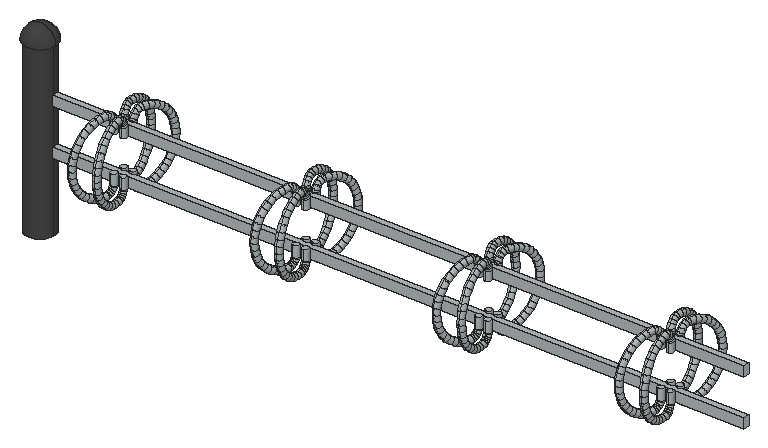
Revit family "Sirius 8 Pl Sned", category Furniture, Revit 2020
Family settings
  OmniClass Number = 23.21.23.13.15
  Work Plane-Based = No
  Always vertical = Yes
  Cut with Voids When Loaded = No
  Shared = No
  Room Calculation Point = No
Parameters (values of type "8003079 / Black - Galvanized")
  Uniclass 1.4 Description = "Furniture"
  Uniclass 1.4 Code = "L8211"
  URL = "https://www.hags.com/"
  QR code = "https://www.hags.com/en-us/furniture/park-and-urban-furniture/bicycle-storage/sirius-cycle-stand/not-applicable-cast-in-place-sned-8-pl-aug-2010-black-galv"
  Product url = "https://www.hags.com/en-us/furniture/park-and-urban-furniture/bicycle-storage/sirius-cycle-stand/not-applicable-cast-in-place-sned-8-pl-aug-2010-black-galv"
  Product name = "Sirius Cycle Stand Cast In Place 4 PL"
  Product data url = "https://bimobject.com/hags/product/sofa_sofiero_detached"
  Product SKU = "Sirius_Cycle_Stand_Detached"
  Product Guid = "90e49432-c870-4a59-897e-b15016e8f9bd"
  OmniClass Description = "BICYCLE STORAGE"
  OmniClass Code = "23-21 23 13 15"
  Model = "8003079"
  Manufacturer name = "HAGS"
  Manufacturer = "Hags"
  IFC Classification = "Furniture"
  Edition number = 1
  Description = ""
  Default Elevation = 0 mm
  Construction material = Hags - Steel - Powder coated - Black
  Body material_90 = Hags - Steel - Galvanized
  Body material = Hags - Steel - Galvanized
  BIMobject category = "PARK AND URBAN FURNITURE"
Reference planes
  plane 1 "Center (Front/Back)": y = 0
  plane 2: z = 0
  plane 3 "Center (Left/Right)": x = 0
Forms (mm)
  Extrusion 1, solid, material "Hags - Steel - Galvanized" <- "Body material"
    sketch origin (1.365, -9.603, 369.929) x (1, 0, 0) y (0, 1, 0)
      loop
        line (45, 10) -> (45, -10) -> (2269.901, -10) -> (2269.901, 10) -> (45, 10)
    from 10 to 40
  Extrusion 2, solid, material "Hags - Steel - Powder coated - Black" <- "Construction material"
    sketch origin (1.256, -9.603, 0) x (1, 0, 0) y (0, 1, 0)
      loop
        circle (0, 0) r 45
    from 0 to 549.709
  Revolve 3, solid, material "Hags - Steel - Powder coated - Black" <- "Construction material"
    sketch origin (-157.494, -9.976, 679.925) x (1, 0, 0) y (0, 0, -1)
      loop
        arc (158.761, 80.421) -> (194.116, 95.065) -> (208.761, 130.421) r 50
        line (208.761, 130.421) -> (207.761, 130.421)
        arc (207.761, 130.421) -> (193.409, 95.772) -> (158.761, 81.421) r 49
        line (158.761, 81.421) -> (158.761, 80.421)
      axis (158.761, 80.421) -> (158.761, 130.421)
    angle from 0 to 360
  Extrusion 4, solid, material "Hags - Steel - Galvanized" <- "Body material"
    sketch origin (1.365, -9.603, 220) x (1, 0, 0) y (0, 1, 0)
      loop
        line (45, 10) -> (45, -10) -> (2269.901, -10) -> (2269.901, 10) -> (45, 10)
    from 10 to 40
  Sweep 5, solid, material "Hags - Steel - Galvanized" <- "Body material"
    path in 3D
      loop
        line (284.399, -28.912, 379.243) -> (284.399, -28.912, 409.356) -> (284.665, -30.416, 417.342) -> (285.316, -34.108, 425.042) -> (286.286, -39.612, 430.632) -> (287.965, -49.133, 436.349) -> (289.347, -56.972, 437.365) -> (292.522, -74.978, 434.786) -> (295.203, -90.181, 431.456) -> (297.994, -106.011, 424.537) -> (300.723, -121.485, 415.172) -> (303.109, -135.021, 403.262) -> (305.21, -146.933, 388.659) -> (306.856, -156.271, 373.149) -> (308.013, -162.829, 356.943) -> (308.792, -167.247, 339.38) -> (309.009, -168.477, 321.297) -> (308.744, -166.976, 303.115) -> (308.016, -162.845, 285.057) -> (306.889, -156.455, 268.21) -> (305.171, -146.715, 252.347) -> (303.187, -135.458, 238.586) -> (300.759, -121.692, 226.912) -> (298.069, -106.433, 217.568) -> (295.162, -89.947, 210.351) -> (292.187, -73.075, 206.279) -> (288.99, -54.946, 204.888) -> (287.744, -47.88, 206.305) -> (286.375, -40.117, 210.646) -> (285.399, -34.582, 217.063) -> (284.552, -29.777, 225.614) -> (284.444, -29.163, 229.974) -> (284.444, -29.163, 262.737)
    profile origin (284.444, -29.163, 246.356) x (0, 1, 0) y (-1, 0, 0)
      loop
        circle (0, 0) r 10
  Sweep 6, solid, material "Hags - Steel - Galvanized" <- "Body material"
    path in 3D
      loop
        line (254.031, -29.133, 379.797) -> (254.031, -29.133, 409.91) -> (253.766, -30.637, 417.896) -> (253.115, -34.329, 425.596) -> (252.145, -39.834, 431.186) -> (250.466, -49.355, 436.903) -> (249.084, -57.193, 437.919) -> (245.909, -75.199, 435.34) -> (243.228, -90.403, 432.01) -> (240.437, -106.232, 425.091) -> (237.708, -121.706, 415.726) -> (235.321, -135.242, 403.816) -> (233.221, -147.154, 389.213) -> (231.574, -156.492, 373.703) -> (230.418, -163.05, 357.497) -> (229.639, -167.468, 339.934) -> (229.422, -168.699, 321.851) -> (229.687, -167.198, 303.669) -> (230.415, -163.066, 285.611) -> (231.542, -156.676, 268.764) -> (233.259, -146.936, 252.901) -> (235.244, -135.679, 239.14) -> (237.672, -121.914, 227.466) -> (240.362, -106.654, 218.122) -> (243.269, -90.169, 210.905) -> (246.244, -73.297, 206.833) -> (249.441, -55.167, 205.442) -> (250.687, -48.101, 206.859) -> (252.056, -40.338, 211.2) -> (253.032, -34.803, 217.617) -> (253.879, -29.998, 226.168) -> (253.987, -29.385, 230.528) -> (253.987, -29.385, 263.291)
    profile origin (253.987, -29.385, 246.91) x (0, 1, 0) y (-1, 0, 0)
      loop
        circle (0, 0) r 10
  Sweep 7, solid, material "Hags - Steel - Galvanized" <- "Body material"
    path in 3D
      loop
        line (2044.399, -28.912, 379.243) -> (2044.399, -28.912, 409.356) -> (2044.665, -30.416, 417.342) -> (2045.316, -34.108, 425.042) -> (2046.286, -39.612, 430.632) -> (2047.965, -49.133, 436.349) -> (2049.347, -56.972, 437.365) -> (2052.522, -74.978, 434.786) -> (2055.203, -90.181, 431.456) -> (2057.994, -106.011, 424.537) -> (2060.723, -121.485, 415.172) -> (2063.109, -135.021, 403.262) -> (2065.21, -146.933, 388.659) -> (2066.856, -156.271, 373.149) -> (2068.013, -162.829, 356.943) -> (2068.792, -167.247, 339.38) -> (2069.009, -168.477, 321.297) -> (2068.744, -166.976, 303.115) -> (2068.016, -162.845, 285.057) -> (2066.889, -156.455, 268.21) -> (2065.171, -146.715, 252.347) -> (2063.187, -135.458, 238.586) -> (2060.759, -121.692, 226.912) -> (2058.069, -106.433, 217.568) -> (2055.162, -89.947, 210.351) -> (2052.187, -73.075, 206.279) -> (2048.99, -54.946, 204.888) -> (2047.744, -47.88, 206.305) -> (2046.375, -40.117, 210.646) -> (2045.399, -34.582, 217.063) -> (2044.552, -29.777, 225.614) -> (2044.444, -29.163, 229.974) -> (2044.444, -29.163, 262.737)
    profile origin (2044.444, -29.163, 246.356) x (0, 1, 0) y (-1, 0, 0)
      loop
        circle (0, 0) r 10
  Sweep 8, solid, material "Hags - Steel - Galvanized" <- "Body material"
    path in 3D
      loop
        line (2014.031, -29.133, 379.797) -> (2014.031, -29.133, 409.91) -> (2013.766, -30.637, 417.896) -> (2013.115, -34.329, 425.596) -> (2012.145, -39.834, 431.186) -> (2010.466, -49.355, 436.903) -> (2009.084, -57.193, 437.919) -> (2005.909, -75.199, 435.34) -> (2003.228, -90.403, 432.01) -> (2000.437, -106.232, 425.091) -> (1997.708, -121.706, 415.726) -> (1995.321, -135.242, 403.816) -> (1993.221, -147.154, 389.213) -> (1991.574, -156.492, 373.703) -> (1990.418, -163.05, 357.497) -> (1989.639, -167.468, 339.934) -> (1989.422, -168.699, 321.851) -> (1989.687, -167.198, 303.669) -> (1990.415, -163.066, 285.611) -> (1991.542, -156.676, 268.764) -> (1993.259, -146.936, 252.901) -> (1995.244, -135.679, 239.14) -> (1997.672, -121.914, 227.466) -> (2000.362, -106.654, 218.122) -> (2003.269, -90.169, 210.905) -> (2006.244, -73.297, 206.833) -> (2009.441, -55.167, 205.442) -> (2010.687, -48.101, 206.859) -> (2012.056, -40.338, 211.2) -> (2013.032, -34.803, 217.617) -> (2013.879, -29.998, 226.168) -> (2013.987, -29.385, 230.528) -> (2013.987, -29.385, 263.291)
    profile origin (2013.987, -29.385, 246.91) x (0, 1, 0) y (-1, 0, 0)
      loop
        circle (0, 0) r 10
  Sweep 9, solid, material "Hags - Steel - Galvanized" <- "Body material"
    path in 3D
      loop
        line (871.066, -28.912, 379.243) -> (871.066, -28.912, 409.356) -> (871.331, -30.416, 417.342) -> (871.982, -34.108, 425.042) -> (872.953, -39.612, 430.632) -> (874.632, -49.133, 436.349) -> (876.014, -56.972, 437.365) -> (879.189, -74.978, 434.786) -> (881.87, -90.181, 431.456) -> (884.661, -106.011, 424.537) -> (887.389, -121.485, 415.172) -> (889.776, -135.021, 403.262) -> (891.877, -146.933, 388.659) -> (893.523, -156.271, 373.149) -> (894.679, -162.829, 356.943) -> (895.458, -167.247, 339.38) -> (895.675, -168.477, 321.297) -> (895.411, -166.976, 303.115) -> (894.682, -162.845, 285.057) -> (893.555, -156.455, 268.21) -> (891.838, -146.715, 252.347) -> (889.853, -135.458, 238.586) -> (887.426, -121.692, 226.912) -> (884.735, -106.433, 217.568) -> (881.828, -89.947, 210.351) -> (878.853, -73.075, 206.279) -> (875.657, -54.946, 204.888) -> (874.411, -47.88, 206.305) -> (873.042, -40.117, 210.646) -> (872.066, -34.582, 217.063) -> (871.219, -29.777, 225.614) -> (871.111, -29.163, 229.974) -> (871.111, -29.163, 262.737)
    profile origin (871.111, -29.163, 246.356) x (0, 1, 0) y (-1, 0, 0)
      loop
        circle (0, 0) r 10
  Sweep 10, solid, material "Hags - Steel - Galvanized" <- "Body material"
    path in 3D
      loop
        line (840.698, -29.133, 379.797) -> (840.698, -29.133, 409.91) -> (840.433, -30.637, 417.896) -> (839.782, -34.329, 425.596) -> (838.811, -39.834, 431.186) -> (837.132, -49.355, 436.903) -> (835.75, -57.193, 437.919) -> (832.575, -75.199, 435.34) -> (829.894, -90.403, 432.01) -> (827.103, -106.232, 425.091) -> (824.375, -121.706, 415.726) -> (821.988, -135.242, 403.816) -> (819.888, -147.154, 389.213) -> (818.241, -156.492, 373.703) -> (817.085, -163.05, 357.497) -> (816.306, -167.468, 339.934) -> (816.089, -168.699, 321.851) -> (816.353, -167.198, 303.669) -> (817.082, -163.066, 285.611) -> (818.209, -156.676, 268.764) -> (819.926, -146.936, 252.901) -> (821.911, -135.679, 239.14) -> (824.338, -121.914, 227.466) -> (827.029, -106.654, 218.122) -> (829.936, -90.169, 210.905) -> (832.911, -73.297, 206.833) -> (836.108, -55.167, 205.442) -> (837.353, -48.101, 206.859) -> (838.722, -40.338, 211.2) -> (839.698, -34.803, 217.617) -> (840.545, -29.998, 226.168) -> (840.654, -29.385, 230.528) -> (840.654, -29.385, 263.291)
    profile origin (840.654, -29.385, 246.91) x (0, 1, 0) y (-1, 0, 0)
      loop
        circle (0, 0) r 10
  Sweep 11, solid, material "Hags - Steel - Galvanized" <- "Body material"
    path in 3D
      loop
        line (1457.733, -28.912, 379.243) -> (1457.733, -28.912, 409.356) -> (1457.998, -30.416, 417.342) -> (1458.649, -34.108, 425.042) -> (1459.62, -39.612, 430.632) -> (1461.298, -49.133, 436.349) -> (1462.681, -56.972, 437.365) -> (1465.856, -74.978, 434.786) -> (1468.536, -90.181, 431.456) -> (1471.328, -106.011, 424.537) -> (1474.056, -121.485, 415.172) -> (1476.443, -135.021, 403.262) -> (1478.543, -146.933, 388.659) -> (1480.19, -156.271, 373.149) -> (1481.346, -162.829, 356.943) -> (1482.125, -167.247, 339.38) -> (1482.342, -168.477, 321.297) -> (1482.077, -166.976, 303.115) -> (1481.349, -162.845, 285.057) -> (1480.222, -156.455, 268.21) -> (1478.505, -146.715, 252.347) -> (1476.52, -135.458, 238.586) -> (1474.093, -121.692, 226.912) -> (1471.402, -106.433, 217.568) -> (1468.495, -89.947, 210.351) -> (1465.52, -73.075, 206.279) -> (1462.323, -54.946, 204.888) -> (1461.077, -47.88, 206.305) -> (1459.709, -40.117, 210.646) -> (1458.733, -34.582, 217.063) -> (1457.885, -29.777, 225.614) -> (1457.777, -29.163, 229.974) -> (1457.777, -29.163, 262.737)
    profile origin (1457.777, -29.163, 246.356) x (0, 1, 0) y (-1, 0, 0)
      loop
        circle (0, 0) r 10
  Sweep 12, solid, material "Hags - Steel - Galvanized" <- "Body material"
    path in 3D
      loop
        line (1427.365, -29.133, 379.797) -> (1427.365, -29.133, 409.91) -> (1427.099, -30.637, 417.896) -> (1426.448, -34.329, 425.596) -> (1425.478, -39.834, 431.186) -> (1423.799, -49.355, 436.903) -> (1422.417, -57.193, 437.919) -> (1419.242, -75.199, 435.34) -> (1416.561, -90.403, 432.01) -> (1413.77, -106.232, 425.091) -> (1411.041, -121.706, 415.726) -> (1408.655, -135.242, 403.816) -> (1406.554, -147.154, 389.213) -> (1404.908, -156.492, 373.703) -> (1403.751, -163.05, 357.497) -> (1402.972, -167.468, 339.934) -> (1402.755, -168.699, 321.851) -> (1403.02, -167.198, 303.669) -> (1403.749, -163.066, 285.611) -> (1404.875, -156.676, 268.764) -> (1406.593, -146.936, 252.901) -> (1408.578, -135.679, 239.14) -> (1411.005, -121.914, 227.466) -> (1413.696, -106.654, 218.122) -> (1416.602, -90.169, 210.905) -> (1419.577, -73.297, 206.833) -> (1422.774, -55.167, 205.442) -> (1424.02, -48.101, 206.859) -> (1425.389, -40.338, 211.2) -> (1426.365, -34.803, 217.617) -> (1427.212, -29.998, 226.168) -> (1427.32, -29.385, 230.528) -> (1427.32, -29.385, 263.291)
    profile origin (1427.32, -29.385, 246.91) x (0, 1, 0) y (-1, 0, 0)
      loop
        circle (0, 0) r 10
  Sweep 13, solid, material "Hags - Steel - Galvanized" <- "Body material"
    path in 3D
      loop
        line (284.399, 10.063, 263.579) -> (284.399, 10.063, 233.466) -> (284.665, 11.568, 225.479) -> (285.316, 15.26, 217.779) -> (286.286, 20.764, 212.19) -> (287.965, 30.285, 206.473) -> (289.347, 38.124, 205.457) -> (292.522, 56.13, 208.035) -> (295.203, 71.333, 211.366) -> (297.994, 87.163, 218.285) -> (300.723, 102.637, 227.65) -> (303.109, 116.173, 239.56) -> (305.21, 128.085, 254.163) -> (306.856, 137.423, 269.673) -> (308.013, 143.981, 285.879) -> (308.792, 148.399, 303.442) -> (309.009, 149.629, 321.525) -> (308.744, 148.128, 339.707) -> (308.016, 143.997, 357.765) -> (306.889, 137.607, 374.612) -> (305.171, 127.867, 390.475) -> (303.187, 116.61, 404.236) -> (300.759, 102.844, 415.91) -> (298.069, 87.585, 425.254) -> (295.162, 71.099, 432.471) -> (292.187, 54.227, 436.543) -> (288.99, 36.097, 437.934) -> (287.744, 29.032, 436.517) -> (286.375, 21.269, 432.176) -> (285.399, 15.734, 425.759) -> (284.552, 10.929, 417.208) -> (284.444, 10.315, 412.848) -> (284.444, 10.315, 380.085)
    profile origin (284.444, 10.315, 396.466) x (-1, 0, 0) y (0, -1, 0)
      loop
        circle (0, 0) r 10
  Sweep 14, solid, material "Hags - Steel - Galvanized" <- "Body material"
    path in 3D
      loop
        line (254.031, 10.285, 263.025) -> (254.031, 10.285, 232.912) -> (253.766, 11.789, 224.925) -> (253.115, 15.481, 217.225) -> (252.145, 20.985, 211.636) -> (250.466, 30.507, 205.919) -> (249.084, 38.345, 204.903) -> (245.909, 56.351, 207.481) -> (243.228, 71.554, 210.812) -> (240.437, 87.384, 217.731) -> (237.708, 102.858, 227.096) -> (235.321, 116.394, 239.006) -> (233.221, 128.306, 253.609) -> (231.574, 137.644, 269.119) -> (230.418, 144.202, 285.325) -> (229.639, 148.62, 302.888) -> (229.422, 149.851, 320.971) -> (229.687, 148.349, 339.153) -> (230.415, 144.218, 357.211) -> (231.542, 137.828, 374.058) -> (233.259, 128.088, 389.921) -> (235.244, 116.831, 403.682) -> (237.672, 103.066, 415.356) -> (240.362, 87.806, 424.7) -> (243.269, 71.32, 431.917) -> (246.244, 54.449, 435.989) -> (249.441, 36.319, 437.38) -> (250.687, 29.253, 435.963) -> (252.056, 21.49, 431.622) -> (253.032, 15.955, 425.205) -> (253.879, 11.15, 416.654) -> (253.987, 10.536, 412.294) -> (253.987, 10.536, 379.531)
    profile origin (253.987, 10.536, 395.912) x (-1, 0, 0) y (0, -1, 0)
      loop
        circle (0, 0) r 10
  Sweep 15, solid, material "Hags - Steel - Galvanized" <- "Body material"
    path in 3D
      loop
        line (2044.399, 10.063, 263.579) -> (2044.399, 10.063, 233.466) -> (2044.665, 11.568, 225.479) -> (2045.316, 15.26, 217.779) -> (2046.286, 20.764, 212.19) -> (2047.965, 30.285, 206.473) -> (2049.347, 38.124, 205.457) -> (2052.522, 56.13, 208.035) -> (2055.203, 71.333, 211.366) -> (2057.994, 87.163, 218.285) -> (2060.723, 102.637, 227.65) -> (2063.109, 116.173, 239.56) -> (2065.21, 128.085, 254.163) -> (2066.856, 137.423, 269.673) -> (2068.013, 143.981, 285.879) -> (2068.792, 148.399, 303.442) -> (2069.009, 149.629, 321.525) -> (2068.744, 148.128, 339.707) -> (2068.016, 143.997, 357.765) -> (2066.889, 137.607, 374.612) -> (2065.171, 127.867, 390.475) -> (2063.187, 116.61, 404.236) -> (2060.759, 102.844, 415.91) -> (2058.069, 87.585, 425.254) -> (2055.162, 71.099, 432.471) -> (2052.187, 54.227, 436.543) -> (2048.99, 36.097, 437.934) -> (2047.744, 29.032, 436.517) -> (2046.375, 21.269, 432.176) -> (2045.399, 15.734, 425.759) -> (2044.552, 10.929, 417.208) -> (2044.444, 10.315, 412.848) -> (2044.444, 10.315, 380.085)
    profile origin (2044.444, 10.315, 396.466) x (-1, 0, 0) y (0, -1, 0)
      loop
        circle (0, 0) r 10
  Sweep 16, solid, material "Hags - Steel - Galvanized" <- "Body material"
    path in 3D
      loop
        line (2014.031, 10.285, 263.025) -> (2014.031, 10.285, 232.912) -> (2013.766, 11.789, 224.925) -> (2013.115, 15.481, 217.225) -> (2012.145, 20.985, 211.636) -> (2010.466, 30.507, 205.919) -> (2009.084, 38.345, 204.903) -> (2005.909, 56.351, 207.481) -> (2003.228, 71.554, 210.812) -> (2000.437, 87.384, 217.731) -> (1997.708, 102.858, 227.096) -> (1995.321, 116.394, 239.006) -> (1993.221, 128.306, 253.609) -> (1991.574, 137.644, 269.119) -> (1990.418, 144.202, 285.325) -> (1989.639, 148.62, 302.888) -> (1989.422, 149.851, 320.971) -> (1989.687, 148.349, 339.153) -> (1990.415, 144.218, 357.211) -> (1991.542, 137.828, 374.058) -> (1993.259, 128.088, 389.921) -> (1995.244, 116.831, 403.682) -> (1997.672, 103.066, 415.356) -> (2000.362, 87.806, 424.7) -> (2003.269, 71.32, 431.917) -> (2006.244, 54.449, 435.989) -> (2009.441, 36.319, 437.38) -> (2010.687, 29.253, 435.963) -> (2012.056, 21.49, 431.622) -> (2013.032, 15.955, 425.205) -> (2013.879, 11.15, 416.654) -> (2013.987, 10.536, 412.294) -> (2013.987, 10.536, 379.531)
    profile origin (2013.987, 10.536, 395.912) x (-1, 0, 0) y (0, -1, 0)
      loop
        circle (0, 0) r 10
  Sweep 17, solid, material "Hags - Steel - Galvanized" <- "Body material"
    path in 3D
      loop
        line (871.066, 10.063, 263.579) -> (871.066, 10.063, 233.466) -> (871.331, 11.568, 225.479) -> (871.982, 15.26, 217.779) -> (872.953, 20.764, 212.19) -> (874.632, 30.285, 206.473) -> (876.014, 38.124, 205.457) -> (879.189, 56.13, 208.035) -> (881.87, 71.333, 211.366) -> (884.661, 87.163, 218.285) -> (887.389, 102.637, 227.65) -> (889.776, 116.173, 239.56) -> (891.877, 128.085, 254.163) -> (893.523, 137.423, 269.673) -> (894.679, 143.981, 285.879) -> (895.458, 148.399, 303.442) -> (895.675, 149.629, 321.525) -> (895.411, 148.128, 339.707) -> (894.682, 143.997, 357.765) -> (893.555, 137.607, 374.612) -> (891.838, 127.867, 390.475) -> (889.853, 116.61, 404.236) -> (887.426, 102.844, 415.91) -> (884.735, 87.585, 425.254) -> (881.828, 71.099, 432.471) -> (878.853, 54.227, 436.543) -> (875.657, 36.097, 437.934) -> (874.411, 29.032, 436.517) -> (873.042, 21.269, 432.176) -> (872.066, 15.734, 425.759) -> (871.219, 10.929, 417.208) -> (871.111, 10.315, 412.848) -> (871.111, 10.315, 380.085)
    profile origin (871.111, 10.315, 396.466) x (-1, 0, 0) y (0, -1, 0)
      loop
        circle (0, 0) r 10
  Sweep 18, solid, material "Hags - Steel - Galvanized" <- "Body material"
    path in 3D
      loop
        line (840.698, 10.285, 263.025) -> (840.698, 10.285, 232.912) -> (840.433, 11.789, 224.925) -> (839.782, 15.481, 217.225) -> (838.811, 20.985, 211.636) -> (837.132, 30.507, 205.919) -> (835.75, 38.345, 204.903) -> (832.575, 56.351, 207.481) -> (829.894, 71.554, 210.812) -> (827.103, 87.384, 217.731) -> (824.375, 102.858, 227.096) -> (821.988, 116.394, 239.006) -> (819.888, 128.306, 253.609) -> (818.241, 137.644, 269.119) -> (817.085, 144.202, 285.325) -> (816.306, 148.62, 302.888) -> (816.089, 149.851, 320.971) -> (816.353, 148.349, 339.153) -> (817.082, 144.218, 357.211) -> (818.209, 137.828, 374.058) -> (819.926, 128.088, 389.921) -> (821.911, 116.831, 403.682) -> (824.338, 103.066, 415.356) -> (827.029, 87.806, 424.7) -> (829.936, 71.32, 431.917) -> (832.911, 54.449, 435.989) -> (836.108, 36.319, 437.38) -> (837.353, 29.253, 435.963) -> (838.722, 21.49, 431.622) -> (839.698, 15.955, 425.205) -> (840.545, 11.15, 416.654) -> (840.654, 10.536, 412.294) -> (840.654, 10.536, 379.531)
    profile origin (840.654, 10.536, 395.912) x (-1, 0, 0) y (0, -1, 0)
      loop
        circle (0, 0) r 10
  Sweep 19, solid, material "Hags - Steel - Galvanized" <- "Body material"
    path in 3D
      loop
        line (1457.733, 10.063, 263.579) -> (1457.733, 10.063, 233.466) -> (1457.998, 11.568, 225.479) -> (1458.649, 15.26, 217.779) -> (1459.62, 20.764, 212.19) -> (1461.298, 30.285, 206.473) -> (1462.681, 38.124, 205.457) -> (1465.856, 56.13, 208.035) -> (1468.536, 71.333, 211.366) -> (1471.328, 87.163, 218.285) -> (1474.056, 102.637, 227.65) -> (1476.443, 116.173, 239.56) -> (1478.543, 128.085, 254.163) -> (1480.19, 137.423, 269.673) -> (1481.346, 143.981, 285.879) -> (1482.125, 148.399, 303.442) -> (1482.342, 149.629, 321.525) -> (1482.077, 148.128, 339.707) -> (1481.349, 143.997, 357.765) -> (1480.222, 137.607, 374.612) -> (1478.505, 127.867, 390.475) -> (1476.52, 116.61, 404.236) -> (1474.093, 102.844, 415.91) -> (1471.402, 87.585, 425.254) -> (1468.495, 71.099, 432.471) -> (1465.52, 54.227, 436.543) -> (1462.323, 36.097, 437.934) -> (1461.077, 29.032, 436.517) -> (1459.709, 21.269, 432.176) -> (1458.733, 15.734, 425.759) -> (1457.885, 10.929, 417.208) -> (1457.777, 10.315, 412.848) -> (1457.777, 10.315, 380.085)
    profile origin (1457.777, 10.315, 396.466) x (-1, 0, 0) y (0, -1, 0)
      loop
        circle (0, 0) r 10
  Sweep 20, solid, material "Hags - Steel - Galvanized" <- "Body material"
    path in 3D
      loop
        line (1427.365, 10.285, 263.025) -> (1427.365, 10.285, 232.912) -> (1427.099, 11.789, 224.925) -> (1426.448, 15.481, 217.225) -> (1425.478, 20.985, 211.636) -> (1423.799, 30.507, 205.919) -> (1422.417, 38.345, 204.903) -> (1419.242, 56.351, 207.481) -> (1416.561, 71.554, 210.812) -> (1413.77, 87.384, 217.731) -> (1411.041, 102.858, 227.096) -> (1408.655, 116.394, 239.006) -> (1406.554, 128.306, 253.609) -> (1404.908, 137.644, 269.119) -> (1403.751, 144.202, 285.325) -> (1402.972, 148.62, 302.888) -> (1402.755, 149.851, 320.971) -> (1403.02, 148.349, 339.153) -> (1403.749, 144.218, 357.211) -> (1404.875, 137.828, 374.058) -> (1406.593, 128.088, 389.921) -> (1408.578, 116.831, 403.682) -> (1411.005, 103.066, 415.356) -> (1413.696, 87.806, 424.7) -> (1416.602, 71.32, 431.917) -> (1419.577, 54.449, 435.989) -> (1422.774, 36.319, 437.38) -> (1424.02, 29.253, 435.963) -> (1425.389, 21.49, 431.622) -> (1426.365, 15.955, 425.205) -> (1427.212, 11.15, 416.654) -> (1427.32, 10.536, 412.294) -> (1427.32, 10.536, 379.531)
    profile origin (1427.32, 10.536, 395.912) x (-1, 0, 0) y (0, -1, 0)
      loop
        circle (0, 0) r 10
Lines and regions (mm)
  sketch lines
    curve 1: line (284.444, -29.163, 229.974) -> (284.444, -29.163, 262.737)
    curve 2: line (284.552, -29.777, 225.614) -> (284.444, -29.163, 229.974)
    curve 3: line (285.399, -34.582, 217.063) -> (284.552, -29.777, 225.614)
    curve 4: line (286.375, -40.117, 210.646) -> (285.399, -34.582, 217.063)
    curve 5: line (287.744, -47.88, 206.305) -> (286.375, -40.117, 210.646)
    curve 6: line (288.99, -54.946, 204.888) -> (287.744, -47.88, 206.305)
    curve 7: line (292.187, -73.075, 206.279) -> (288.99, -54.946, 204.888)
    curve 8: line (295.162, -89.947, 210.351) -> (292.187, -73.075, 206.279)
    curve 9: line (298.069, -106.433, 217.568) -> (295.162, -89.947, 210.351)
    curve 10: line (300.759, -121.692, 226.912) -> (298.069, -106.433, 217.568)
    curve 11: line (303.187, -135.458, 238.586) -> (300.759, -121.692, 226.912)
    curve 12: line (305.171, -146.715, 252.347) -> (303.187, -135.458, 238.586)
    curve 13: line (306.889, -156.455, 268.21) -> (305.171, -146.715, 252.347)
    curve 14: line (308.016, -162.845, 285.057) -> (306.889, -156.455, 268.21)
    curve 15: line (308.744, -166.976, 303.115) -> (308.016, -162.845, 285.057)
    curve 16: line (309.009, -168.477, 321.297) -> (308.744, -166.976, 303.115)
    curve 17: line (308.792, -167.247, 339.38) -> (309.009, -168.477, 321.297)
    curve 18: line (308.013, -162.829, 356.943) -> (308.792, -167.247, 339.38)
    curve 19: line (306.856, -156.271, 373.149) -> (308.013, -162.829, 356.943)
    curve 20: line (305.21, -146.933, 388.659) -> (306.856, -156.271, 373.149)
    curve 21: line (303.109, -135.021, 403.262) -> (305.21, -146.933, 388.659)
    curve 22: line (300.723, -121.485, 415.172) -> (303.109, -135.021, 403.262)
    curve 23: line (297.994, -106.011, 424.537) -> (300.723, -121.485, 415.172)
    curve 24: line (295.203, -90.181, 431.456) -> (297.994, -106.011, 424.537)
    curve 25: line (292.522, -74.978, 434.786) -> (295.203, -90.181, 431.456)
    curve 26: line (289.347, -56.972, 437.365) -> (292.522, -74.978, 434.786)
    curve 27: line (287.965, -49.133, 436.349) -> (289.347, -56.972, 437.365)
    curve 28: line (286.286, -39.612, 430.632) -> (287.965, -49.133, 436.349)
    curve 29: line (285.316, -34.108, 425.042) -> (286.286, -39.612, 430.632)
    curve 30: line (284.665, -30.416, 417.342) -> (285.316, -34.108, 425.042)
    curve 31: line (284.399, -28.912, 409.356) -> (284.665, -30.416, 417.342)
    curve 32: line (284.399, -28.912, 379.243) -> (284.399, -28.912, 409.356)
    curve 33: line (253.987, -29.385, 230.528) -> (253.987, -29.385, 263.291)
    curve 34: line (253.879, -29.998, 226.168) -> (253.987, -29.385, 230.528)
    curve 35: line (253.032, -34.803, 217.617) -> (253.879, -29.998, 226.168)
    curve 36: line (252.056, -40.338, 211.2) -> (253.032, -34.803, 217.617)
    curve 37: line (250.687, -48.101, 206.859) -> (252.056, -40.338, 211.2)
    curve 38: line (249.441, -55.167, 205.442) -> (250.687, -48.101, 206.859)
    curve 39: line (246.244, -73.297, 206.833) -> (249.441, -55.167, 205.442)
    curve 40: line (243.269, -90.169, 210.905) -> (246.244, -73.297, 206.833)
    curve 41: line (240.362, -106.654, 218.122) -> (243.269, -90.169, 210.905)
    curve 42: line (237.672, -121.914, 227.466) -> (240.362, -106.654, 218.122)
    curve 43: line (235.244, -135.679, 239.14) -> (237.672, -121.914, 227.466)
    curve 44: line (233.259, -146.936, 252.901) -> (235.244, -135.679, 239.14)
    curve 45: line (231.542, -156.676, 268.764) -> (233.259, -146.936, 252.901)
    curve 46: line (230.415, -163.066, 285.611) -> (231.542, -156.676, 268.764)
    curve 47: line (229.687, -167.198, 303.669) -> (230.415, -163.066, 285.611)
    curve 48: line (229.422, -168.699, 321.851) -> (229.687, -167.198, 303.669)
    curve 49: line (229.639, -167.468, 339.934) -> (229.422, -168.699, 321.851)
    curve 50: line (230.418, -163.05, 357.497) -> (229.639, -167.468, 339.934)
    curve 51: line (231.574, -156.492, 373.703) -> (230.418, -163.05, 357.497)
    curve 52: line (233.221, -147.154, 389.213) -> (231.574, -156.492, 373.703)
    curve 53: line (235.321, -135.242, 403.816) -> (233.221, -147.154, 389.213)
    curve 54: line (237.708, -121.706, 415.726) -> (235.321, -135.242, 403.816)
    curve 55: line (240.437, -106.232, 425.091) -> (237.708, -121.706, 415.726)
    curve 56: line (243.228, -90.403, 432.01) -> (240.437, -106.232, 425.091)
    curve 57: line (245.909, -75.199, 435.34) -> (243.228, -90.403, 432.01)
    curve 58: line (249.084, -57.193, 437.919) -> (245.909, -75.199, 435.34)
    curve 59: line (250.466, -49.355, 436.903) -> (249.084, -57.193, 437.919)
    curve 60: line (252.145, -39.834, 431.186) -> (250.466, -49.355, 436.903)
    curve 61: line (253.115, -34.329, 425.596) -> (252.145, -39.834, 431.186)
    curve 62: line (253.766, -30.637, 417.896) -> (253.115, -34.329, 425.596)
    curve 63: line (254.031, -29.133, 409.91) -> (253.766, -30.637, 417.896)
    curve 64: line (254.031, -29.133, 379.797) -> (254.031, -29.133, 409.91)
    curve 66: line (2044.444, -29.163, 229.974) -> (2044.444, -29.163, 262.737)
    curve 67: line (2044.552, -29.777, 225.614) -> (2044.444, -29.163, 229.974)
    curve 68: line (2045.399, -34.582, 217.063) -> (2044.552, -29.777, 225.614)
    curve 69: line (2046.375, -40.117, 210.646) -> (2045.399, -34.582, 217.063)
    curve 70: line (2047.744, -47.88, 206.305) -> (2046.375, -40.117, 210.646)
    curve 71: line (2048.99, -54.946, 204.888) -> (2047.744, -47.88, 206.305)
    curve 72: line (2052.187, -73.075, 206.279) -> (2048.99, -54.946, 204.888)
    curve 73: line (2055.162, -89.947, 210.351) -> (2052.187, -73.075, 206.279)
    curve 74: line (2058.069, -106.433, 217.568) -> (2055.162, -89.947, 210.351)
    curve 75: line (2060.759, -121.692, 226.912) -> (2058.069, -106.433, 217.568)
    curve 76: line (2063.187, -135.458, 238.586) -> (2060.759, -121.692, 226.912)
    curve 77: line (2065.171, -146.715, 252.347) -> (2063.187, -135.458, 238.586)
    curve 78: line (2066.889, -156.455, 268.21) -> (2065.171, -146.715, 252.347)
    curve 79: line (2068.016, -162.845, 285.057) -> (2066.889, -156.455, 268.21)
    curve 80: line (2068.744, -166.976, 303.115) -> (2068.016, -162.845, 285.057)
    curve 81: line (2069.009, -168.477, 321.297) -> (2068.744, -166.976, 303.115)
    curve 82: line (2068.792, -167.247, 339.38) -> (2069.009, -168.477, 321.297)
    curve 83: line (2068.013, -162.829, 356.943) -> (2068.792, -167.247, 339.38)
    curve 84: line (2066.856, -156.271, 373.149) -> (2068.013, -162.829, 356.943)
    curve 85: line (2065.21, -146.933, 388.659) -> (2066.856, -156.271, 373.149)
    curve 86: line (2063.109, -135.021, 403.262) -> (2065.21, -146.933, 388.659)
    curve 87: line (2060.723, -121.485, 415.172) -> (2063.109, -135.021, 403.262)
    curve 88: line (2057.994, -106.011, 424.537) -> (2060.723, -121.485, 415.172)
    curve 89: line (2055.203, -90.181, 431.456) -> (2057.994, -106.011, 424.537)
    curve 90: line (2052.522, -74.978, 434.786) -> (2055.203, -90.181, 431.456)
    curve 91: line (2049.347, -56.972, 437.365) -> (2052.522, -74.978, 434.786)
    curve 92: line (2047.965, -49.133, 436.349) -> (2049.347, -56.972, 437.365)
    curve 93: line (2046.286, -39.612, 430.632) -> (2047.965, -49.133, 436.349)
    curve 94: line (2045.316, -34.108, 425.042) -> (2046.286, -39.612, 430.632)
    curve 95: line (2044.665, -30.416, 417.342) -> (2045.316, -34.108, 425.042)
    curve 96: line (2044.399, -28.912, 409.356) -> (2044.665, -30.416, 417.342)
    curve 97: line (2044.399, -28.912, 379.243) -> (2044.399, -28.912, 409.356)
    curve 98: line (2013.987, -29.385, 230.528) -> (2013.987, -29.385, 263.291)
    curve 99: line (2013.879, -29.998, 226.168) -> (2013.987, -29.385, 230.528)
    curve 100: line (2013.032, -34.803, 217.617) -> (2013.879, -29.998, 226.168)
    curve 101: line (2012.056, -40.338, 211.2) -> (2013.032, -34.803, 217.617)
    curve 102: line (2010.687, -48.101, 206.859) -> (2012.056, -40.338, 211.2)
    curve 103: line (2009.441, -55.167, 205.442) -> (2010.687, -48.101, 206.859)
    curve 104: line (2006.244, -73.297, 206.833) -> (2009.441, -55.167, 205.442)
    curve 105: line (2003.269, -90.169, 210.905) -> (2006.244, -73.297, 206.833)
    curve 106: line (2000.362, -106.654, 218.122) -> (2003.269, -90.169, 210.905)
    curve 107: line (1997.672, -121.914, 227.466) -> (2000.362, -106.654, 218.122)
    curve 108: line (1995.244, -135.679, 239.14) -> (1997.672, -121.914, 227.466)
    curve 109: line (1993.259, -146.936, 252.901) -> (1995.244, -135.679, 239.14)
    curve 110: line (1991.542, -156.676, 268.764) -> (1993.259, -146.936, 252.901)
    curve 111: line (1990.415, -163.066, 285.611) -> (1991.542, -156.676, 268.764)
    curve 112: line (1989.687, -167.198, 303.669) -> (1990.415, -163.066, 285.611)
    curve 113: line (1989.422, -168.699, 321.851) -> (1989.687, -167.198, 303.669)
    curve 114: line (1989.639, -167.468, 339.934) -> (1989.422, -168.699, 321.851)
    curve 115: line (1990.418, -163.05, 357.497) -> (1989.639, -167.468, 339.934)
    curve 116: line (1991.574, -156.492, 373.703) -> (1990.418, -163.05, 357.497)
    curve 117: line (1993.221, -147.154, 389.213) -> (1991.574, -156.492, 373.703)
    curve 118: line (1995.321, -135.242, 403.816) -> (1993.221, -147.154, 389.213)
    curve 119: line (1997.708, -121.706, 415.726) -> (1995.321, -135.242, 403.816)
    curve 120: line (2000.437, -106.232, 425.091) -> (1997.708, -121.706, 415.726)
    curve 121: line (2003.228, -90.403, 432.01) -> (2000.437, -106.232, 425.091)
    curve 122: line (2005.909, -75.199, 435.34) -> (2003.228, -90.403, 432.01)
    curve 123: line (2009.084, -57.193, 437.919) -> (2005.909, -75.199, 435.34)
    curve 124: line (2010.466, -49.355, 436.903) -> (2009.084, -57.193, 437.919)
    curve 125: line (2012.145, -39.834, 431.186) -> (2010.466, -49.355, 436.903)
    curve 126: line (2013.115, -34.329, 425.596) -> (2012.145, -39.834, 431.186)
    curve 127: line (2013.766, -30.637, 417.896) -> (2013.115, -34.329, 425.596)
    curve 128: line (2014.031, -29.133, 409.91) -> (2013.766, -30.637, 417.896)
    curve 129: line (2014.031, -29.133, 379.797) -> (2014.031, -29.133, 409.91)
    curve 130: line (871.111, -29.163, 229.974) -> (871.111, -29.163, 262.737)
    curve 131: line (871.219, -29.777, 225.614) -> (871.111, -29.163, 229.974)
    curve 132: line (872.066, -34.582, 217.063) -> (871.219, -29.777, 225.614)
    curve 133: line (873.042, -40.117, 210.646) -> (872.066, -34.582, 217.063)
    curve 134: line (874.411, -47.88, 206.305) -> (873.042, -40.117, 210.646)
    curve 135: line (875.657, -54.946, 204.888) -> (874.411, -47.88, 206.305)
    curve 136: line (878.853, -73.075, 206.279) -> (875.657, -54.946, 204.888)
    curve 137: line (881.828, -89.947, 210.351) -> (878.853, -73.075, 206.279)
    curve 138: line (884.735, -106.433, 217.568) -> (881.828, -89.947, 210.351)
    curve 139: line (887.426, -121.692, 226.912) -> (884.735, -106.433, 217.568)
    curve 140: line (889.853, -135.458, 238.586) -> (887.426, -121.692, 226.912)
    curve 141: line (891.838, -146.715, 252.347) -> (889.853, -135.458, 238.586)
    curve 142: line (893.555, -156.455, 268.21) -> (891.838, -146.715, 252.347)
    curve 143: line (894.682, -162.845, 285.057) -> (893.555, -156.455, 268.21)
    curve 144: line (895.411, -166.976, 303.115) -> (894.682, -162.845, 285.057)
    curve 145: line (895.675, -168.477, 321.297) -> (895.411, -166.976, 303.115)
    curve 146: line (895.458, -167.247, 339.38) -> (895.675, -168.477, 321.297)
    curve 147: line (894.679, -162.829, 356.943) -> (895.458, -167.247, 339.38)
    curve 148: line (893.523, -156.271, 373.149) -> (894.679, -162.829, 356.943)
    curve 149: line (891.877, -146.933, 388.659) -> (893.523, -156.271, 373.149)
    curve 150: line (889.776, -135.021, 403.262) -> (891.877, -146.933, 388.659)
    curve 151: line (887.389, -121.485, 415.172) -> (889.776, -135.021, 403.262)
    curve 152: line (884.661, -106.011, 424.537) -> (887.389, -121.485, 415.172)
    curve 153: line (881.87, -90.181, 431.456) -> (884.661, -106.011, 424.537)
    curve 154: line (879.189, -74.978, 434.786) -> (881.87, -90.181, 431.456)
    curve 155: line (876.014, -56.972, 437.365) -> (879.189, -74.978, 434.786)
    curve 156: line (874.632, -49.133, 436.349) -> (876.014, -56.972, 437.365)
    curve 157: line (872.953, -39.612, 430.632) -> (874.632, -49.133, 436.349)
    curve 158: line (871.982, -34.108, 425.042) -> (872.953, -39.612, 430.632)
    curve 159: line (871.331, -30.416, 417.342) -> (871.982, -34.108, 425.042)
    curve 160: line (871.066, -28.912, 409.356) -> (871.331, -30.416, 417.342)
    curve 161: line (871.066, -28.912, 379.243) -> (871.066, -28.912, 409.356)
    curve 162: line (840.654, -29.385, 230.528) -> (840.654, -29.385, 263.291)
    curve 163: line (840.545, -29.998, 226.168) -> (840.654, -29.385, 230.528)
    curve 164: line (839.698, -34.803, 217.617) -> (840.545, -29.998, 226.168)
    curve 165: line (838.722, -40.338, 211.2) -> (839.698, -34.803, 217.617)
    curve 166: line (837.353, -48.101, 206.859) -> (838.722, -40.338, 211.2)
    curve 167: line (836.108, -55.167, 205.442) -> (837.353, -48.101, 206.859)
    curve 168: line (832.911, -73.297, 206.833) -> (836.108, -55.167, 205.442)
    curve 169: line (829.936, -90.169, 210.905) -> (832.911, -73.297, 206.833)
    curve 170: line (827.029, -106.654, 218.122) -> (829.936, -90.169, 210.905)
    curve 171: line (824.338, -121.914, 227.466) -> (827.029, -106.654, 218.122)
    curve 172: line (821.911, -135.679, 239.14) -> (824.338, -121.914, 227.466)
    curve 173: line (819.926, -146.936, 252.901) -> (821.911, -135.679, 239.14)
    curve 174: line (818.209, -156.676, 268.764) -> (819.926, -146.936, 252.901)
    curve 175: line (817.082, -163.066, 285.611) -> (818.209, -156.676, 268.764)
    curve 176: line (816.353, -167.198, 303.669) -> (817.082, -163.066, 285.611)
    curve 177: line (816.089, -168.699, 321.851) -> (816.353, -167.198, 303.669)
    curve 178: line (816.306, -167.468, 339.934) -> (816.089, -168.699, 321.851)
    curve 179: line (817.085, -163.05, 357.497) -> (816.306, -167.468, 339.934)
    curve 180: line (818.241, -156.492, 373.703) -> (817.085, -163.05, 357.497)
    curve 181: line (819.888, -147.154, 389.213) -> (818.241, -156.492, 373.703)
    curve 182: line (821.988, -135.242, 403.816) -> (819.888, -147.154, 389.213)
    curve 183: line (824.375, -121.706, 415.726) -> (821.988, -135.242, 403.816)
    curve 184: line (827.103, -106.232, 425.091) -> (824.375, -121.706, 415.726)
    curve 185: line (829.894, -90.403, 432.01) -> (827.103, -106.232, 425.091)
    curve 186: line (832.575, -75.199, 435.34) -> (829.894, -90.403, 432.01)
    curve 187: line (835.75, -57.193, 437.919) -> (832.575, -75.199, 435.34)
    curve 188: line (837.132, -49.355, 436.903) -> (835.75, -57.193, 437.919)
    curve 189: line (838.811, -39.834, 431.186) -> (837.132, -49.355, 436.903)
    curve 190: line (839.782, -34.329, 425.596) -> (838.811, -39.834, 431.186)
    curve 191: line (840.433, -30.637, 417.896) -> (839.782, -34.329, 425.596)
    curve 192: line (840.698, -29.133, 409.91) -> (840.433, -30.637, 417.896)
    curve 193: line (840.698, -29.133, 379.797) -> (840.698, -29.133, 409.91)
    curve 194: line (1457.777, -29.163, 229.974) -> (1457.777, -29.163, 262.737)
    curve 195: line (1457.885, -29.777, 225.614) -> (1457.777, -29.163, 229.974)
    curve 196: line (1458.733, -34.582, 217.063) -> (1457.885, -29.777, 225.614)
    curve 197: line (1459.709, -40.117, 210.646) -> (1458.733, -34.582, 217.063)
    curve 198: line (1461.077, -47.88, 206.305) -> (1459.709, -40.117, 210.646)
    curve 199: line (1462.323, -54.946, 204.888) -> (1461.077, -47.88, 206.305)
    curve 200: line (1465.52, -73.075, 206.279) -> (1462.323, -54.946, 204.888)
    curve 201: line (1468.495, -89.947, 210.351) -> (1465.52, -73.075, 206.279)
    curve 202: line (1471.402, -106.433, 217.568) -> (1468.495, -89.947, 210.351)
    curve 203: line (1474.093, -121.692, 226.912) -> (1471.402, -106.433, 217.568)
    curve 204: line (1476.52, -135.458, 238.586) -> (1474.093, -121.692, 226.912)
    curve 205: line (1478.505, -146.715, 252.347) -> (1476.52, -135.458, 238.586)
    curve 206: line (1480.222, -156.455, 268.21) -> (1478.505, -146.715, 252.347)
    curve 207: line (1481.349, -162.845, 285.057) -> (1480.222, -156.455, 268.21)
    curve 208: line (1482.077, -166.976, 303.115) -> (1481.349, -162.845, 285.057)
    curve 209: line (1482.342, -168.477, 321.297) -> (1482.077, -166.976, 303.115)
    curve 210: line (1482.125, -167.247, 339.38) -> (1482.342, -168.477, 321.297)
    curve 211: line (1481.346, -162.829, 356.943) -> (1482.125, -167.247, 339.38)
    curve 212: line (1480.19, -156.271, 373.149) -> (1481.346, -162.829, 356.943)
    curve 213: line (1478.543, -146.933, 388.659) -> (1480.19, -156.271, 373.149)
    curve 214: line (1476.443, -135.021, 403.262) -> (1478.543, -146.933, 388.659)
    curve 215: line (1474.056, -121.485, 415.172) -> (1476.443, -135.021, 403.262)
    curve 216: line (1471.328, -106.011, 424.537) -> (1474.056, -121.485, 415.172)
    curve 217: line (1468.536, -90.181, 431.456) -> (1471.328, -106.011, 424.537)
    curve 218: line (1465.856, -74.978, 434.786) -> (1468.536, -90.181, 431.456)
    curve 219: line (1462.681, -56.972, 437.365) -> (1465.856, -74.978, 434.786)
    curve 220: line (1461.298, -49.133, 436.349) -> (1462.681, -56.972, 437.365)
    curve 221: line (1459.62, -39.612, 430.632) -> (1461.298, -49.133, 436.349)
    curve 222: line (1458.649, -34.108, 425.042) -> (1459.62, -39.612, 430.632)
    curve 223: line (1457.998, -30.416, 417.342) -> (1458.649, -34.108, 425.042)
    curve 224: line (1457.733, -28.912, 409.356) -> (1457.998, -30.416, 417.342)
    curve 225: line (1457.733, -28.912, 379.243) -> (1457.733, -28.912, 409.356)
    curve 226: line (1427.32, -29.385, 230.528) -> (1427.32, -29.385, 263.291)
    curve 227: line (1427.212, -29.998, 226.168) -> (1427.32, -29.385, 230.528)
    curve 228: line (1426.365, -34.803, 217.617) -> (1427.212, -29.998, 226.168)
    curve 229: line (1425.389, -40.338, 211.2) -> (1426.365, -34.803, 217.617)
    curve 230: line (1424.02, -48.101, 206.859) -> (1425.389, -40.338, 211.2)
    curve 231: line (1422.774, -55.167, 205.442) -> (1424.02, -48.101, 206.859)
    curve 232: line (1419.577, -73.297, 206.833) -> (1422.774, -55.167, 205.442)
    curve 233: line (1416.602, -90.169, 210.905) -> (1419.577, -73.297, 206.833)
    curve 234: line (1413.696, -106.654, 218.122) -> (1416.602, -90.169, 210.905)
    curve 235: line (1411.005, -121.914, 227.466) -> (1413.696, -106.654, 218.122)
    curve 236: line (1408.578, -135.679, 239.14) -> (1411.005, -121.914, 227.466)
    curve 237: line (1406.593, -146.936, 252.901) -> (1408.578, -135.679, 239.14)
    curve 238: line (1404.875, -156.676, 268.764) -> (1406.593, -146.936, 252.901)
    curve 239: line (1403.749, -163.066, 285.611) -> (1404.875, -156.676, 268.764)
    curve 240: line (1403.02, -167.198, 303.669) -> (1403.749, -163.066, 285.611)
    curve 241: line (1402.755, -168.699, 321.851) -> (1403.02, -167.198, 303.669)
    curve 242: line (1402.972, -167.468, 339.934) -> (1402.755, -168.699, 321.851)
    curve 243: line (1403.751, -163.05, 357.497) -> (1402.972, -167.468, 339.934)
    curve 244: line (1404.908, -156.492, 373.703) -> (1403.751, -163.05, 357.497)
    curve 245: line (1406.554, -147.154, 389.213) -> (1404.908, -156.492, 373.703)
    curve 246: line (1408.655, -135.242, 403.816) -> (1406.554, -147.154, 389.213)
    curve 247: line (1411.041, -121.706, 415.726) -> (1408.655, -135.242, 403.816)
    curve 248: line (1413.77, -106.232, 425.091) -> (1411.041, -121.706, 415.726)
    curve 249: line (1416.561, -90.403, 432.01) -> (1413.77, -106.232, 425.091)
    curve 250: line (1419.242, -75.199, 435.34) -> (1416.561, -90.403, 432.01)
    curve 251: line (1422.417, -57.193, 437.919) -> (1419.242, -75.199, 435.34)
    curve 252: line (1423.799, -49.355, 436.903) -> (1422.417, -57.193, 437.919)
    curve 253: line (1425.478, -39.834, 431.186) -> (1423.799, -49.355, 436.903)
    curve 254: line (1426.448, -34.329, 425.596) -> (1425.478, -39.834, 431.186)
    curve 255: line (1427.099, -30.637, 417.896) -> (1426.448, -34.329, 425.596)
    curve 256: line (1427.365, -29.133, 409.91) -> (1427.099, -30.637, 417.896)
    curve 257: line (1427.365, -29.133, 379.797) -> (1427.365, -29.133, 409.91)
    curve 258: line (284.444, 10.315, 412.848) -> (284.444, 10.315, 380.085)
    curve 259: line (284.552, 10.929, 417.208) -> (284.444, 10.315, 412.848)
    curve 260: line (285.399, 15.734, 425.759) -> (284.552, 10.929, 417.208)
    curve 261: line (286.375, 21.269, 432.176) -> (285.399, 15.734, 425.759)
    curve 262: line (287.744, 29.032, 436.517) -> (286.375, 21.269, 432.176)
    curve 263: line (288.99, 36.097, 437.934) -> (287.744, 29.032, 436.517)
    curve 264: line (292.187, 54.227, 436.543) -> (288.99, 36.097, 437.934)
    curve 265: line (295.162, 71.099, 432.471) -> (292.187, 54.227, 436.543)
    curve 266: line (298.069, 87.585, 425.254) -> (295.162, 71.099, 432.471)
    curve 267: line (300.759, 102.844, 415.91) -> (298.069, 87.585, 425.254)
    curve 268: line (303.187, 116.61, 404.236) -> (300.759, 102.844, 415.91)
    curve 269: line (305.171, 127.867, 390.475) -> (303.187, 116.61, 404.236)
    curve 270: line (306.889, 137.607, 374.612) -> (305.171, 127.867, 390.475)
    curve 271: line (308.016, 143.997, 357.765) -> (306.889, 137.607, 374.612)
    curve 272: line (308.744, 148.128, 339.707) -> (308.016, 143.997, 357.765)
    curve 273: line (309.009, 149.629, 321.525) -> (308.744, 148.128, 339.707)
    curve 274: line (308.792, 148.399, 303.442) -> (309.009, 149.629, 321.525)
    curve 275: line (308.013, 143.981, 285.879) -> (308.792, 148.399, 303.442)
    curve 276: line (306.856, 137.423, 269.673) -> (308.013, 143.981, 285.879)
    curve 277: line (305.21, 128.085, 254.163) -> (306.856, 137.423, 269.673)
    curve 278: line (303.109, 116.173, 239.56) -> (305.21, 128.085, 254.163)
    curve 279: line (300.723, 102.637, 227.65) -> (303.109, 116.173, 239.56)
    curve 280: line (297.994, 87.163, 218.285) -> (300.723, 102.637, 227.65)
    curve 281: line (295.203, 71.333, 211.366) -> (297.994, 87.163, 218.285)
    curve 282: line (292.522, 56.13, 208.035) -> (295.203, 71.333, 211.366)
    curve 283: line (289.347, 38.124, 205.457) -> (292.522, 56.13, 208.035)
    curve 284: line (287.965, 30.285, 206.473) -> (289.347, 38.124, 205.457)
    curve 285: line (286.286, 20.764, 212.19) -> (287.965, 30.285, 206.473)
    curve 286: line (285.316, 15.26, 217.779) -> (286.286, 20.764, 212.19)
    curve 287: line (284.665, 11.568, 225.479) -> (285.316, 15.26, 217.779)
    curve 288: line (284.399, 10.063, 233.466) -> (284.665, 11.568, 225.479)
    curve 289: line (284.399, 10.063, 263.579) -> (284.399, 10.063, 233.466)
    curve 290: line (253.987, 10.536, 412.294) -> (253.987, 10.536, 379.531)
    curve 291: line (253.879, 11.15, 416.654) -> (253.987, 10.536, 412.294)
    curve 292: line (253.032, 15.955, 425.205) -> (253.879, 11.15, 416.654)
    curve 293: line (252.056, 21.49, 431.622) -> (253.032, 15.955, 425.205)
    curve 294: line (250.687, 29.253, 435.963) -> (252.056, 21.49, 431.622)
    curve 295: line (249.441, 36.319, 437.38) -> (250.687, 29.253, 435.963)
    curve 296: line (246.244, 54.449, 435.989) -> (249.441, 36.319, 437.38)
    curve 297: line (243.269, 71.32, 431.917) -> (246.244, 54.449, 435.989)
    curve 298: line (240.362, 87.806, 424.7) -> (243.269, 71.32, 431.917)
    curve 299: line (237.672, 103.066, 415.356) -> (240.362, 87.806, 424.7)
    curve 300: line (235.244, 116.831, 403.682) -> (237.672, 103.066, 415.356)
    curve 301: line (233.259, 128.088, 389.921) -> (235.244, 116.831, 403.682)
    curve 302: line (231.542, 137.828, 374.058) -> (233.259, 128.088, 389.921)
    curve 303: line (230.415, 144.218, 357.211) -> (231.542, 137.828, 374.058)
    curve 304: line (229.687, 148.349, 339.153) -> (230.415, 144.218, 357.211)
    curve 305: line (229.422, 149.851, 320.971) -> (229.687, 148.349, 339.153)
    curve 306: line (229.639, 148.62, 302.888) -> (229.422, 149.851, 320.971)
    curve 307: line (230.418, 144.202, 285.325) -> (229.639, 148.62, 302.888)
    curve 308: line (231.574, 137.644, 269.119) -> (230.418, 144.202, 285.325)
    curve 309: line (233.221, 128.306, 253.609) -> (231.574, 137.644, 269.119)
    curve 310: line (235.321, 116.394, 239.006) -> (233.221, 128.306, 253.609)
    curve 311: line (237.708, 102.858, 227.096) -> (235.321, 116.394, 239.006)
    curve 312: line (240.437, 87.384, 217.731) -> (237.708, 102.858, 227.096)
    curve 313: line (243.228, 71.554, 210.812) -> (240.437, 87.384, 217.731)
    curve 314: line (245.909, 56.351, 207.481) -> (243.228, 71.554, 210.812)
    curve 315: line (249.084, 38.345, 204.903) -> (245.909, 56.351, 207.481)
    curve 316: line (250.466, 30.507, 205.919) -> (249.084, 38.345, 204.903)
    curve 317: line (252.145, 20.985, 211.636) -> (250.466, 30.507, 205.919)
    curve 318: line (253.115, 15.481, 217.225) -> (252.145, 20.985, 211.636)
    curve 319: line (253.766, 11.789, 224.925) -> (253.115, 15.481, 217.225)
    curve 320: line (254.031, 10.285, 232.912) -> (253.766, 11.789, 224.925)
    curve 321: line (254.031, 10.285, 263.025) -> (254.031, 10.285, 232.912)
    curve 322: line (2044.444, 10.315, 412.848) -> (2044.444, 10.315, 380.085)
    curve 323: line (2044.552, 10.929, 417.208) -> (2044.444, 10.315, 412.848)
    curve 324: line (2045.399, 15.734, 425.759) -> (2044.552, 10.929, 417.208)
    curve 325: line (2046.375, 21.269, 432.176) -> (2045.399, 15.734, 425.759)
    curve 326: line (2047.744, 29.032, 436.517) -> (2046.375, 21.269, 432.176)
    curve 327: line (2048.99, 36.097, 437.934) -> (2047.744, 29.032, 436.517)
    curve 328: line (2052.187, 54.227, 436.543) -> (2048.99, 36.097, 437.934)
    curve 329: line (2055.162, 71.099, 432.471) -> (2052.187, 54.227, 436.543)
    curve 330: line (2058.069, 87.585, 425.254) -> (2055.162, 71.099, 432.471)
    curve 331: line (2060.759, 102.844, 415.91) -> (2058.069, 87.585, 425.254)
    curve 332: line (2063.187, 116.61, 404.236) -> (2060.759, 102.844, 415.91)
    curve 333: line (2065.171, 127.867, 390.475) -> (2063.187, 116.61, 404.236)
    curve 334: line (2066.889, 137.607, 374.612) -> (2065.171, 127.867, 390.475)
    curve 335: line (2068.016, 143.997, 357.765) -> (2066.889, 137.607, 374.612)
    curve 336: line (2068.744, 148.128, 339.707) -> (2068.016, 143.997, 357.765)
    curve 337: line (2069.009, 149.629, 321.525) -> (2068.744, 148.128, 339.707)
    curve 338: line (2068.792, 148.399, 303.442) -> (2069.009, 149.629, 321.525)
    curve 339: line (2068.013, 143.981, 285.879) -> (2068.792, 148.399, 303.442)
    curve 340: line (2066.856, 137.423, 269.673) -> (2068.013, 143.981, 285.879)
    curve 341: line (2065.21, 128.085, 254.163) -> (2066.856, 137.423, 269.673)
    curve 342: line (2063.109, 116.173, 239.56) -> (2065.21, 128.085, 254.163)
    curve 343: line (2060.723, 102.637, 227.65) -> (2063.109, 116.173, 239.56)
    curve 344: line (2057.994, 87.163, 218.285) -> (2060.723, 102.637, 227.65)
    curve 345: line (2055.203, 71.333, 211.366) -> (2057.994, 87.163, 218.285)
    curve 346: line (2052.522, 56.13, 208.035) -> (2055.203, 71.333, 211.366)
    curve 347: line (2049.347, 38.124, 205.457) -> (2052.522, 56.13, 208.035)
    curve 348: line (2047.965, 30.285, 206.473) -> (2049.347, 38.124, 205.457)
    curve 349: line (2046.286, 20.764, 212.19) -> (2047.965, 30.285, 206.473)
    curve 350: line (2045.316, 15.26, 217.779) -> (2046.286, 20.764, 212.19)
    curve 351: line (2044.665, 11.568, 225.479) -> (2045.316, 15.26, 217.779)
    curve 352: line (2044.399, 10.063, 233.466) -> (2044.665, 11.568, 225.479)
    curve 353: line (2044.399, 10.063, 263.579) -> (2044.399, 10.063, 233.466)
    curve 354: line (2013.987, 10.536, 412.294) -> (2013.987, 10.536, 379.531)
    curve 355: line (2013.879, 11.15, 416.654) -> (2013.987, 10.536, 412.294)
    curve 356: line (2013.032, 15.955, 425.205) -> (2013.879, 11.15, 416.654)
    curve 357: line (2012.056, 21.49, 431.622) -> (2013.032, 15.955, 425.205)
    curve 358: line (2010.687, 29.253, 435.963) -> (2012.056, 21.49, 431.622)
    curve 359: line (2009.441, 36.319, 437.38) -> (2010.687, 29.253, 435.963)
    curve 360: line (2006.244, 54.449, 435.989) -> (2009.441, 36.319, 437.38)
    curve 361: line (2003.269, 71.32, 431.917) -> (2006.244, 54.449, 435.989)
    curve 362: line (2000.362, 87.806, 424.7) -> (2003.269, 71.32, 431.917)
    curve 363: line (1997.672, 103.066, 415.356) -> (2000.362, 87.806, 424.7)
    curve 364: line (1995.244, 116.831, 403.682) -> (1997.672, 103.066, 415.356)
    curve 365: line (1993.259, 128.088, 389.921) -> (1995.244, 116.831, 403.682)
    curve 366: line (1991.542, 137.828, 374.058) -> (1993.259, 128.088, 389.921)
    curve 367: line (1990.415, 144.218, 357.211) -> (1991.542, 137.828, 374.058)
    curve 368: line (1989.687, 148.349, 339.153) -> (1990.415, 144.218, 357.211)
    curve 369: line (1989.422, 149.851, 320.971) -> (1989.687, 148.349, 339.153)
    curve 370: line (1989.639, 148.62, 302.888) -> (1989.422, 149.851, 320.971)
    curve 371: line (1990.418, 144.202, 285.325) -> (1989.639, 148.62, 302.888)
    curve 372: line (1991.574, 137.644, 269.119) -> (1990.418, 144.202, 285.325)
    curve 373: line (1993.221, 128.306, 253.609) -> (1991.574, 137.644, 269.119)
    curve 374: line (1995.321, 116.394, 239.006) -> (1993.221, 128.306, 253.609)
    curve 375: line (1997.708, 102.858, 227.096) -> (1995.321, 116.394, 239.006)
    curve 376: line (2000.437, 87.384, 217.731) -> (1997.708, 102.858, 227.096)
    curve 377: line (2003.228, 71.554, 210.812) -> (2000.437, 87.384, 217.731)
    curve 378: line (2005.909, 56.351, 207.481) -> (2003.228, 71.554, 210.812)
    curve 379: line (2009.084, 38.345, 204.903) -> (2005.909, 56.351, 207.481)
    curve 380: line (2010.466, 30.507, 205.919) -> (2009.084, 38.345, 204.903)
    curve 381: line (2012.145, 20.985, 211.636) -> (2010.466, 30.507, 205.919)
    curve 382: line (2013.115, 15.481, 217.225) -> (2012.145, 20.985, 211.636)
    curve 383: line (2013.766, 11.789, 224.925) -> (2013.115, 15.481, 217.225)
    curve 384: line (2014.031, 10.285, 232.912) -> (2013.766, 11.789, 224.925)
    curve 385: line (2014.031, 10.285, 263.025) -> (2014.031, 10.285, 232.912)
    curve 386: line (871.111, 10.315, 412.848) -> (871.111, 10.315, 380.085)
    curve 387: line (871.219, 10.929, 417.208) -> (871.111, 10.315, 412.848)
    curve 388: line (872.066, 15.734, 425.759) -> (871.219, 10.929, 417.208)
    curve 389: line (873.042, 21.269, 432.176) -> (872.066, 15.734, 425.759)
    curve 390: line (874.411, 29.032, 436.517) -> (873.042, 21.269, 432.176)
    curve 391: line (875.657, 36.097, 437.934) -> (874.411, 29.032, 436.517)
    curve 392: line (878.853, 54.227, 436.543) -> (875.657, 36.097, 437.934)
    curve 393: line (881.828, 71.099, 432.471) -> (878.853, 54.227, 436.543)
    curve 394: line (884.735, 87.585, 425.254) -> (881.828, 71.099, 432.471)
    curve 395: line (887.426, 102.844, 415.91) -> (884.735, 87.585, 425.254)
    curve 396: line (889.853, 116.61, 404.236) -> (887.426, 102.844, 415.91)
    curve 397: line (891.838, 127.867, 390.475) -> (889.853, 116.61, 404.236)
    curve 398: line (893.555, 137.607, 374.612) -> (891.838, 127.867, 390.475)
    curve 399: line (894.682, 143.997, 357.765) -> (893.555, 137.607, 374.612)
    curve 400: line (895.411, 148.128, 339.707) -> (894.682, 143.997, 357.765)
    curve 401: line (895.675, 149.629, 321.525) -> (895.411, 148.128, 339.707)
    curve 402: line (895.458, 148.399, 303.442) -> (895.675, 149.629, 321.525)
    curve 403: line (894.679, 143.981, 285.879) -> (895.458, 148.399, 303.442)
    curve 404: line (893.523, 137.423, 269.673) -> (894.679, 143.981, 285.879)
    curve 405: line (891.877, 128.085, 254.163) -> (893.523, 137.423, 269.673)
    curve 406: line (889.776, 116.173, 239.56) -> (891.877, 128.085, 254.163)
    curve 407: line (887.389, 102.637, 227.65) -> (889.776, 116.173, 239.56)
    curve 408: line (884.661, 87.163, 218.285) -> (887.389, 102.637, 227.65)
    curve 409: line (881.87, 71.333, 211.366) -> (884.661, 87.163, 218.285)
    curve 410: line (879.189, 56.13, 208.035) -> (881.87, 71.333, 211.366)
    curve 411: line (876.014, 38.124, 205.457) -> (879.189, 56.13, 208.035)
    curve 412: line (874.632, 30.285, 206.473) -> (876.014, 38.124, 205.457)
    curve 413: line (872.953, 20.764, 212.19) -> (874.632, 30.285, 206.473)
    curve 414: line (871.982, 15.26, 217.779) -> (872.953, 20.764, 212.19)
    curve 415: line (871.331, 11.568, 225.479) -> (871.982, 15.26, 217.779)
    curve 416: line (871.066, 10.063, 233.466) -> (871.331, 11.568, 225.479)
    curve 417: line (871.066, 10.063, 263.579) -> (871.066, 10.063, 233.466)
    curve 418: line (840.654, 10.536, 412.294) -> (840.654, 10.536, 379.531)
    curve 419: line (840.545, 11.15, 416.654) -> (840.654, 10.536, 412.294)
    curve 420: line (839.698, 15.955, 425.205) -> (840.545, 11.15, 416.654)
    curve 421: line (838.722, 21.49, 431.622) -> (839.698, 15.955, 425.205)
    curve 422: line (837.353, 29.253, 435.963) -> (838.722, 21.49, 431.622)
    curve 423: line (836.108, 36.319, 437.38) -> (837.353, 29.253, 435.963)
    curve 424: line (832.911, 54.449, 435.989) -> (836.108, 36.319, 437.38)
    curve 425: line (829.936, 71.32, 431.917) -> (832.911, 54.449, 435.989)
    curve 426: line (827.029, 87.806, 424.7) -> (829.936, 71.32, 431.917)
    curve 427: line (824.338, 103.066, 415.356) -> (827.029, 87.806, 424.7)
    curve 428: line (821.911, 116.831, 403.682) -> (824.338, 103.066, 415.356)
    curve 429: line (819.926, 128.088, 389.921) -> (821.911, 116.831, 403.682)
    curve 430: line (818.209, 137.828, 374.058) -> (819.926, 128.088, 389.921)
    curve 431: line (817.082, 144.218, 357.211) -> (818.209, 137.828, 374.058)
    curve 432: line (816.353, 148.349, 339.153) -> (817.082, 144.218, 357.211)
    curve 433: line (816.089, 149.851, 320.971) -> (816.353, 148.349, 339.153)
    curve 434: line (816.306, 148.62, 302.888) -> (816.089, 149.851, 320.971)
    curve 435: line (817.085, 144.202, 285.325) -> (816.306, 148.62, 302.888)
    curve 436: line (818.241, 137.644, 269.119) -> (817.085, 144.202, 285.325)
    curve 437: line (819.888, 128.306, 253.609) -> (818.241, 137.644, 269.119)
    curve 438: line (821.988, 116.394, 239.006) -> (819.888, 128.306, 253.609)
    curve 439: line (824.375, 102.858, 227.096) -> (821.988, 116.394, 239.006)
    curve 440: line (827.103, 87.384, 217.731) -> (824.375, 102.858, 227.096)
    curve 441: line (829.894, 71.554, 210.812) -> (827.103, 87.384, 217.731)
    curve 442: line (832.575, 56.351, 207.481) -> (829.894, 71.554, 210.812)
    curve 443: line (835.75, 38.345, 204.903) -> (832.575, 56.351, 207.481)
    curve 444: line (837.132, 30.507, 205.919) -> (835.75, 38.345, 204.903)
    curve 445: line (838.811, 20.985, 211.636) -> (837.132, 30.507, 205.919)
    curve 446: line (839.782, 15.481, 217.225) -> (838.811, 20.985, 211.636)
    curve 447: line (840.433, 11.789, 224.925) -> (839.782, 15.481, 217.225)
    curve 448: line (840.698, 10.285, 232.912) -> (840.433, 11.789, 224.925)
    curve 449: line (840.698, 10.285, 263.025) -> (840.698, 10.285, 232.912)
    curve 450: line (1457.777, 10.315, 412.848) -> (1457.777, 10.315, 380.085)
    curve 451: line (1457.885, 10.929, 417.208) -> (1457.777, 10.315, 412.848)
    curve 452: line (1458.733, 15.734, 425.759) -> (1457.885, 10.929, 417.208)
    curve 453: line (1459.709, 21.269, 432.176) -> (1458.733, 15.734, 425.759)
    curve 454: line (1461.077, 29.032, 436.517) -> (1459.709, 21.269, 432.176)
